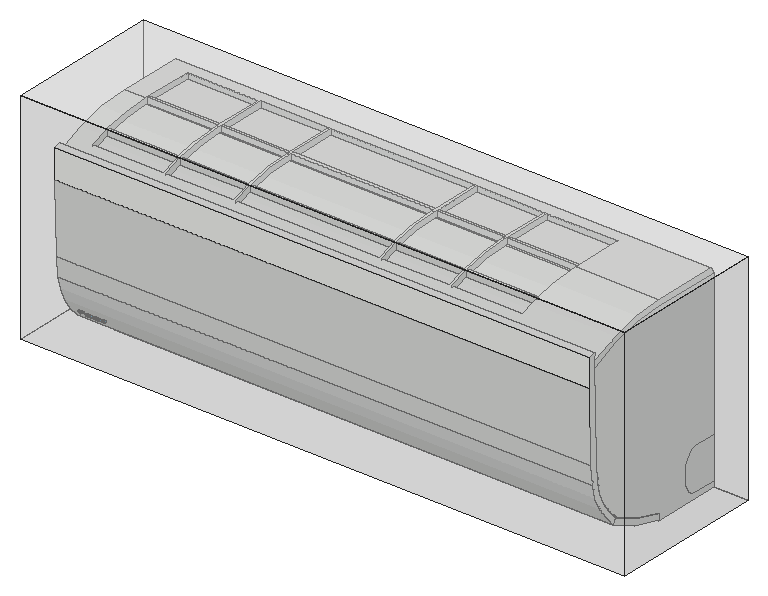
Revit family "outputfile", category 機械設備, Revit 2024
Family settings
  丸型コネクタ寸法 = 半径を使用
  パーツ タイプ = 標準
  OmniClass 番号 = 23.75.10.24.21.27.27
  OmniClass タイトル = Split System Air Conditioning Units
  作業面ベース = いいえ
  常に垂直 = はい
  ロード時にボイドで切り取り = いいえ
  注釈の向きを維持 = いいえ
  共有 = いいえ
  部屋計算ポイント = いいえ
Parameters (values of type "CTXF35TVMA")
  Description = ""
  書き出し IFC クラス(タイプ) = "IfcUnitaryEquipmentType"
  定義済み IFC タイプ(タイプ) = "AIRCONDITIONINGUNIT"
  Cost = 0
  Type Comments = ""
  Keynote = ""
  Type Image = (empty or 0)
  Assembly Code = ""
  w_wall hole = if(Width = 770.0 mm, 48.0 mm, 60.0 mm)  # 48.0 mm
  製造元 = "Daikin"
  モデル = "CTXF35TVMA"
  switch_frequency = yes
  r_Liquid Pipe Size = Liquid Pipe Size / 2  # 3.2 mm
  r_Gas Pipe Size = Gas Pipe Size / 2  # 4.75 mm
  r_Drain Pipe Size = Drain Pipe Size / 2  # 8.0 mm
  lw_powersupply [instance] = if(Width = 770.0 mm, if(or(Rear Right Connection_refrigerant, Bottom Right Connection_refrigerant), 25.0 mm, if(or(Rear Left Connection_refrigerant, Bottom Left Connection_refrigerant), 745.0 mm, 400.0 mm)), if(Width = 990.0 mm, if(or(Rear Right Connection_refrigerant, Bottom Right Connection_refrigerant), 40.0 mm, if(or(Rear Left Connection_refrigerant, Bottom Left Connection_refrigerant), 920.0 mm, 400.0 mm)), if(or(Rear Right Connection_refrigerant, Bottom Right Connection_refrigerant), 40.0 mm, if(or(Rear Left Connection_refrigerant, Bottom Left Connection_refrigerant), 920.0 mm, 400.0 mm))))  # 400.0 mm
  lw_liquidpipe [instance] = if(Width = 770.0 mm, if(or(Rear Right Connection_refrigerant, Bottom Right Connection_refrigerant), 0.0 mm, if(or(Rear Left Connection_refrigerant, Bottom Left Connection_refrigerant), 664.0 mm, 385.0 mm)), if(Width = 990.0 mm, if(or(Rear Right Connection_refrigerant, Bottom Right Connection_refrigerant), 0.0 mm, if(or(Rear Left Connection_refrigerant, Bottom Left Connection_refrigerant), 664.0 mm + (990.0 mm - 770.0 mm), 475.0 mm)), if(or(Rear Right Connection_refrigerant, Bottom Right Connection_refrigerant), 0.0 mm, if(or(Rear Left Connection_refrigerant, Bottom Left Connection_refrigerant), 664.0 mm + (990.0 mm - 770.0 mm), 475.0 mm))))  # 385.0 mm
  lw_gaspipe [instance] = if(Width = 770.0 mm, if(or(Rear Right Connection_refrigerant, Bottom Right Connection_refrigerant), 0.0 mm, if(or(Rear Left Connection_refrigerant, Bottom Left Connection_refrigerant), 675.0 mm, if(Gas Pipe Size = 12.7 mm, 335.0 mm, 335.0 mm))), if(Width = 990.0 mm, if(or(Rear Right Connection_refrigerant, Bottom Right Connection_refrigerant), 10.0 mm, if(or(Rear Left Connection_refrigerant, Bottom Left Connection_refrigerant), 890.0 mm, if(Gas Pipe Size = 15.9 mm, 400.0 mm, 400.0 mm))), if(or(Rear Right Connection_refrigerant, Bottom Right Connection_refrigerant), 10.0 mm, if(or(Rear Left Connection_refrigerant, Bottom Left Connection_refrigerant), 890.0 mm, if(Gas Pipe Size = 15.9 mm, 400.0 mm, 400.0 mm)))))  # 335.0 mm
  lw_drainpipe [instance] = if(Width = 770.0 mm, if(or(Rear Right Connection_refrigerant, Bottom Right Connection_refrigerant), 0.0 mm, if(or(Rear Left Connection_refrigerant, Bottom Left Connection_refrigerant), 770.0 mm - 48.0 mm - 48.0 mm, 440.0 mm)), if(Width = 990.0 mm, if(or(Rear Right Connection_refrigerant, Bottom Right Connection_refrigerant), 0.0 mm, if(or(Rear Left Connection_refrigerant, Bottom Left Connection_refrigerant), 675.0 mm + (990.0 mm - 770.0 mm), 435.0 mm)), if(or(Rear Right Connection_refrigerant, Bottom Right Connection_refrigerant), 0.0 mm, if(or(Rear Left Connection_refrigerant, Bottom Left Connection_refrigerant), 675.0 mm + (990.0 mm - 770.0 mm), 435.0 mm))))  # 440.0 mm
  l_powersupply_length [instance] = if(Width = 770.0 mm, if(Right Connection_refrigerant, 400.0 mm, if(Left Connection_refrigerant, 770.0 mm - 400.0 mm, if(or(Rear Left Connection_refrigerant, Rear Right Connection_refrigerant), 15.0 mm, 50.0 mm))), if(Width = 990.0 mm, if(Right Connection_refrigerant, 400.0 mm, if(Left Connection_refrigerant, 990.0 mm - 400.0 mm, if(or(Rear Left Connection_refrigerant, Rear Right Connection_refrigerant), 15.0 mm, 50.0 mm))), if(Right Connection_refrigerant, 400.0 mm, if(Left Connection_refrigerant, 990.0 mm - 400.0 mm, if(or(Rear Left Connection_refrigerant, Rear Right Connection_refrigerant), 15.0 mm, 50.0 mm)))))  # 400.0 mm
  l_liquidpipe_length [instance] = if(Width = 770.0 mm, if(Right Connection_refrigerant, 433.0 mm, if(Left Connection_refrigerant, 337.0 mm, if(or(Rear Left Connection_refrigerant, Rear Right Connection_refrigerant), 30.0 mm, 40.0 mm))), if(Width = 990.0 mm, if(Right Connection_refrigerant, 535.0 mm, if(Left Connection_refrigerant, 455.0 mm, if(or(Rear Left Connection_refrigerant, Rear Right Connection_refrigerant), 30.0 mm, 40.0 mm))), if(Right Connection_refrigerant, 535.0 mm, if(Left Connection_refrigerant, 455.0 mm, if(or(Rear Left Connection_refrigerant, Rear Right Connection_refrigerant), 30.0 mm, 40.0 mm)))))  # 433.0 mm
  l_gaspipe_length [instance] = if(Width = 770.0 mm, if(Right Connection_refrigerant, if(Gas Pipe Size = 12.7 mm, 383.0 mm, 383.0 mm), if(Left Connection_refrigerant, if(Gas Pipe Size = 12.7 mm, 770.0 mm - 383.0 mm, 770.0 mm - 383.0 mm), if(or(Rear Left Connection_refrigerant, Rear Right Connection_refrigerant), 40.0 mm, 50.0 mm))), if(Width = 990.0 mm, if(Right Connection_refrigerant, if(Gas Pipe Size = 15.9 mm, 460.0 mm, 460.0 mm), if(Left Connection_refrigerant, if(Gas Pipe Size = 15.9 mm, 990.0 mm - 460.0 mm, 990.0 mm - 460.0 mm), if(or(Rear Left Connection_refrigerant, Rear Right Connection_refrigerant), 40.0 mm, 50.0 mm))), if(Right Connection_refrigerant, if(Gas Pipe Size = 15.9 mm, 460.0 mm, 460.0 mm), if(Left Connection_refrigerant, if(Gas Pipe Size = 15.9 mm, 990.0 mm - 460.0 mm, 990.0 mm - 460.0 mm), if(or(Rear Left Connection_refrigerant, Rear Right Connection_refrigerant), 40.0 mm, 50.0 mm)))))  # 383.0 mm
  l_drainpipe_length [instance] = if(Width = 770.0 mm, if(Right Connection_refrigerant, 488.0 mm, if(Left Connection_refrigerant, 282.0 mm, if(or(Rear Left Connection_refrigerant, Rear Right Connection_refrigerant), 15.0 mm, 20.0 mm))), if(Width = 990.0 mm, if(Right Connection_refrigerant, 495.0 mm, if(Left Connection_refrigerant, 495.0 mm, if(or(Rear Left Connection_refrigerant, Rear Right Connection_refrigerant), 15.0 mm, 20.0 mm))), if(Right Connection_refrigerant, 495.0 mm, if(Left Connection_refrigerant, 495.0 mm, if(or(Rear Left Connection_refrigerant, Rear Right Connection_refrigerant), 15.0 mm, 20.0 mm)))))  # 488.0 mm
  h*** = 0.0 mm  # constant formula
  connector_voltage = Voltage_50Hz  # 230 V
  connector_powerinput = if([Power Input (Cooling)] > [Power Input (Heating)], [Power Input (Cooling)], [Power Input (Heating)])  # 0.000 kW
  connector_phase = Phase_50Hz  # 1
  angle_vertical [instance] = if(or(Bottom Left Connection_refrigerant, Bottom Right Connection_refrigerant), 0.00°, 90.00°)  # 90.00°
  angle_horizontal [instance] = if(Right Connection_refrigerant, 90.00°, if(Left Connection_refrigerant, -90.00°, if(or(Rear Left Connection_refrigerant, Rear Right Connection_refrigerant), 180.00°, 0.00°)))  # 90.00°
  Width = 770.0 mm
  Voltage_comment_50Hz = "220 - 240"
  Voltage_50Hz = 230 V
  Version = "ver.1.0"
  Unit Type = "Wall Mounted"
  Unit Mass Weight = 9.00 kg
  Unit Designation [instance] = ""
  Uniclass2015Version = "Products v1.30"
  Uniclass2015Title = "Split coil room air conditioning units"
  Uniclass2015Code = "Pr_70_65_03_86"
  URL = ""
  Total Heating Capacity [instance] = 0.000 kW
  Total Cooling Capacity [instance] = 0.000 kW
  Sound Pressure Level_M speed (dBA) = 35
  Sound Pressure Level_L speed (dBA) = 28
  Sound Pressure Level_H speed (dBA) = 42
  Sound Power Level_H speed (dB) = 0
  Series = "Multi Split_Fan Coil Unit"
  Sensible Cooling Capacity [instance] = 0.000 kW
  Refrigerant Type = "R32"
  Power Input (Heating) = 0.000 kW
  Power Input (Cooling) = 0.000 kW
  Phase_50Hz = 1
  Option Accessory 3 [instance] = ""
  Option Accessory 2 [instance] = ""
  Option Accessory 1 [instance] = ""
  Nominal Heating Capacity = 4.300 kW
  Nominal Cooling Capacity = 3.500 kW
  Minimum Circuit Amps_50Hz = 0.0 A
  Minimum Airflow = 360.00 m³/h
  Median Airflow = 498.00 m³/h
  Maximum Fuse Amps_50Hz = 0.0 A
  Maximum Airflow = 636.00 m³/h
  Material_Casing = DAIKIN_PureWhite_Casing_indoorunit
  Load Classification = HVAC
  Liquid Pipe Size = 6.4 mm
  Link_Nested Family [instance] = ""
  IfcVersion = ""
  IfcExportType = "AIRCONDITIONINGUNIT"
  IfcExportAs = "IfcUnitaryEquipmentType"
  Height = 285.0 mm
  Heating Entering Wet Bulb Temperature [instance] = 0.00 °C
  Heating Entering Dry Bulb Temperature [instance] = 0.00 °C
  Heating Ambient Wet Bulb Temperature [instance] = 0.00 °C
  Heating Ambient Dry Bulb Temperature [instance] = 0.00 °C
  Heat Exchanger Type = "Cross Fin Coil"
  Gas Pipe Size = 9.5 mm
  Frequency_50Hz = 50 Hz
  Fan Type = "Cross Flow Fan"
  Fan Drive = "Direct Drive"
  FCU Tag No. [instance] = ""
  Drain Pipe Size = 16.0 mm
  Design Supply Airflow [instance] = 0.00 m³/h
  Depth = 223.0 mm
  既定の高さ = 0.0 mm
  Cooling Entering Wet Bulb Temperature [instance] = 0.00 °C
  Cooling Entering Dry Bulb Temperature [instance] = 0.00 °C
  Cooling Ambient Wet Bulb Temperature [instance] = 0.00 °C
  Cooling Ambient Dry Bulb Temperature [instance] = 0.00 °C
  Clearance visibility [instance] = yes
  Clearance Top = 30.0 mm
  Clearance Right = 50.0 mm
  Clearance Rear = 0.0 mm
  Clearance Left = 50.0 mm
  Clearance Front = 0.0 mm
  Clearance Bottom = 0.0 mm
  Bottom Right Connection_refrigerant [instance] = no
  Bottom Left Connection_refrigerant [instance] = no
  Rear Right Connection_refrigerant [instance] = no
  Rear Left Connection_refrigerant [instance] = no
  Right Connection_refrigerant [instance] = yes
  Left Connection_refrigerant [instance] = no
Reference planes
  plane 1 "Back": y = 0
  plane 2: z = 0
  plane 3 "Center (Left/Right)": x = 0
  plane 4 "Center (Front/Back)": y = -111.5
  plane 5 "Front": y = -223
  plane 6 "Left": x = -385
  plane 7 "Right": x = 385
  plane 8 "Top": z = 0
  plane 9 "Bottom": z = -285
  plane 10: x = -435
  plane 11: x = 435
  plane 12: y = 0
  plane 13: y = -223
  plane 14: z = 30
  plane 15: z = -285
  plane 16 "lw_Piping and Wiring intake": x = 337
  plane 17 "lw_gaspipe": x = 2
  plane 18 "lw_liquidpipe": x = -48
  plane 19 "lw_drainpipe": x = -103
  plane 20 "lh_drainpipe": z = -265
  plane 21 "lh_liquidpipe": z = -245
  plane 22 "lh_gaspipe": z = -235
  plane 23 "ld_drainpipe": y = -15
  plane 24 "ld_liquidpipe": y = -30
  plane 25 "ld_gaspipe": y = -40
  plane 26 "lw_powersupply": x = -15
Dimensions and locks
  equal spacing: plane 6 "Left", plane 3 "Center (Left/Right)", plane 7 "Right"
  "Width": plane 6 "Left" to plane 7 "Right"
  equal spacing: plane 5 "Front", plane 4 "Center (Front/Back)", plane 1 "Back"
  "Depth": plane 5 "Front" to plane 1 "Back"
  "Height": plane 8 "Top" to plane 9 "Bottom"
  "Clearance Rear": plane 12 to plane 1 "Back"
  "Clearance Front": plane 13 to plane 5 "Front"
  "Clearance Top": plane 14 to plane 8 "Top"
  "Clearance Bottom": plane 9 "Bottom" to plane 15
  "w_wall hole": plane 16 "lw_Piping and Wiring intake" to plane 7 "Right"
  "lw_gaspipe": plane 17 "lw_gaspipe" to plane 16 "lw_Piping and Wiring intake"
  "lw_liquidpipe": plane 18 "lw_liquidpipe" to plane 16 "lw_Piping and Wiring intake"
  "lw_drainpipe": plane 19 "lw_drainpipe" to plane 16 "lw_Piping and Wiring intake"
  locked: plane 20 "lh_drainpipe" to plane 9 "Bottom" at 20
  locked: plane 21 "lh_liquidpipe" to plane 9 "Bottom" at 40
  locked: plane 22 "lh_gaspipe" to plane 9 "Bottom" at 50
  locked: plane 23 "ld_drainpipe" to plane 1 "Back" at 15
  locked: plane 1 "Back" to plane 24 "ld_liquidpipe" at 30
  locked: plane 1 "Back" to plane 25 "ld_gaspipe" at 40
  "lw_powersupply": plane 26 "lw_powersupply" to plane 7 "Right"
  "Clearance Left": plane 10 to plane 6 "Left"
  "Clearance Right": plane 7 "Right" to plane 11
  aligned and locked: level to plane 2
  aligned and locked: plane 12 to nested 1
  aligned and locked: nested 1 to plane 13
  aligned and locked: plane 10 to nested 1
  aligned and locked: plane 11 to nested 1
  aligned and locked: plane 15 to nested 1
  aligned and locked: plane 14 to nested 1
  aligned and locked: plane 17 "lw_gaspipe" to nested 2
  aligned and locked: nested 2 to plane 25 "ld_gaspipe"
  aligned and locked: plane 18 "lw_liquidpipe" to nested 3
  aligned and locked: nested 3 to plane 24 "ld_liquidpipe"
  aligned and locked: plane 19 "lw_drainpipe" to nested 4
  aligned and locked: nested 4 to plane 23 "ld_drainpipe"
  aligned and locked: nested 5 to plane 23 "ld_drainpipe"
  aligned and locked: plane 26 "lw_powersupply" to nested 5
  aligned and locked: level to plane 8 "Top"
  aligned and locked: plane 3 "Center (Left/Right)" to nested 6
  aligned and locked: plane 1 "Back" to nested 6
  aligned and locked: plane 8 "Top" to nested 6
Nested families
  nested 1: "daikin_clearancespace" at (0, -111.5, -127.381), show <- "Clearance visibility", visible <- "Clearance visibility", Link_Nested Family <- "Link_Nested Family", type "daikin_clearancespace"
    with width 870.0 mm, show yes, height 315.0 mm, depth 223.0 mm, Link_Nested Family ""
  nested 2: "daikin_connector_rotate3" at (2, -40, -235), angle_vertical <- "angle_vertical", angle_horizontal <- "angle_horizontal", length <- "l_gaspipe_length", radius <- "r_Gas Pipe Size", type "daikin_connector_rotate3"
    with show no, radius 4.75 mm, length 383.0 mm, angle_vertical 90.00°, angle_horizontal 90.00°
  nested 3: "daikin_connector_rotate3" at (-48, -30, -245), angle_vertical <- "angle_vertical", angle_horizontal <- "angle_horizontal", radius <- "r_Liquid Pipe Size", length <- "l_liquidpipe_length", type "daikin_connector_rotate3"
    with show no, radius 3.2 mm, length 433.0 mm, angle_vertical 90.00°, angle_horizontal 90.00°
  nested 4: "daikin_connector_rotate3" at (-103, -15, -265), angle_vertical <- "angle_vertical", angle_horizontal <- "angle_horizontal", length <- "l_drainpipe_length", radius <- "r_Drain Pipe Size", type "daikin_connector_rotate3"
    with show no, radius 8.0 mm, length 488.0 mm, angle_vertical 90.00°, angle_horizontal 90.00°
  nested 5: "daikin_connector_rotate3" at (-15, -15, -235), angle_vertical <- "angle_vertical", angle_horizontal <- "angle_horizontal", length <- "l_powersupply_length", type "daikin_connector_rotate3"
    with show no, radius 10.0 mm, length 400.0 mm, angle_vertical 90.00°, angle_horizontal 90.00°
  nested 6: "DAIKIN_indoorunit_CTXF-TVMA" at (-31, 0, 0), type "CTXF-TVMA"
Connectors
  piping at (385, -40, -235), diameter 9.5, driven by "r_Gas Pipe Size"
    settings: on nested 2, index 1, connector inside diameter 609.6 mm, connector length 0.0 mm, flow factor 0, pipe flow 0.00 m³/h, pressure drop 0.0 Pa, fitting loss kfactor 0, connector angle 0.00°, fixture units 0, engagement length 0.0 mm, angle of deflection 0.00°, flow configuration 1, flow direction 2, fitting loss method 0, system type 29, joint type 0, gender type 0, connector reference index -1, connector utility 0, adjustable connector no, is connector primary yes, connector description "Refrigerant Gas Piping"
  piping at (385, -30, -245), diameter 6.4, driven by "r_Liquid Pipe Size"
    settings: on nested 3, index 2, connector inside diameter 609.6 mm, connector length 0.0 mm, flow factor 0, pipe flow 0.00 m³/h, pressure drop 0.0 Pa, fitting loss kfactor 0, connector angle 0.00°, fixture units 0, engagement length 0.0 mm, angle of deflection 0.00°, flow configuration 1, flow direction 1, fitting loss method 0, system type 29, joint type 0, gender type 0, connector reference index -1, connector utility 0, adjustable connector no, is connector primary no, connector description "Refrigerant Liquid Piping"
  piping at (385, -15, -265), diameter 16, driven by "r_Drain Pipe Size"
    settings: on nested 4, index 3, connector inside diameter 609.6 mm, connector length 0.0 mm, flow factor 0, pipe flow 0.00 m³/h, pressure drop 0.0 Pa, fitting loss kfactor 0, connector angle 0.00°, fixture units 0, engagement length 0.0 mm, angle of deflection 0.00°, flow configuration 1, flow direction 2, fitting loss method 4, system type 16, joint type 0, gender type 0, connector reference index -1, connector utility 0, adjustable connector no, is connector primary no, connector description "Condensate Drain Piping"
  electrical at (385, -15, -235), driven by "Load Classification", driven by "connector_phase", driven by "connector_powerinput", driven by "connector_voltage"
    settings: on nested 5, index 4, voltage 230 V, apparent load 0 VA, apparent load phase1 0 VA, apparent load phase2 0 VA, apparent load phase3 0 VA, power factor 1, load classification "HVAC", number of poles 1, system type 30, power factor state 1, is connector primary yes, connector utility no, sub classification motor no, connector description "Power Supply"
Definition of nested family "daikin_clearancespace"
  Parameters (values of type "daikin_clearancespace")
    Description = "daikin_clearancespace"
    width [instance] = 1823.963 mm
    show [instance] = yes
    material = none
    height [instance] = 1359.762 mm
    depth [instance] = 880.0 mm
    Default Elevation = 0.0 mm
    Link_Nested Family [instance] = ""
  Reference planes
    plane 1 "Center (Front/Back)": y = 0
    plane 2 "Center (Elevation)": z = -0.119
    plane 3 "Center (Left/Right)": x = 0
    plane 4: y = 440
    plane 5: y = -440
    plane 6 "Right": x = 911.982
    plane 7 "Left": x = -911.982
    plane 8 "Top": z = 679.762
    plane 9 "Bottom": z = -680
  Forms (mm)
    Extrusion 1, solid, material <- "material", visible <- "show"
      sketch origin (0, 0, 0) x (1, 0, 0) y (0, 1, 0)
        loop
          line (-911.982, 440) -> (-911.982, -440) -> (911.982, -440) -> (911.982, 440) -> (-911.982, 440)
      from -680 to 679.762
  Lines and regions (mm)
    symbolic lines, visible <- "show"
      curve 1: line (911.982, 440, 0) -> (-911.982, 440, 0)
      curve 2: line (-911.982, 440, 0) -> (-911.982, -440, 0)
      curve 3: line (-911.982, -440, 0) -> (911.982, -440, 0)
      curve 4: line (911.982, -440, 0) -> (911.982, 440, 0)
      curve 5: line (911.982, 0, 679.762) -> (-911.982, 0, 679.762)
      curve 6: line (911.982, 0, -680) -> (911.982, 0, 679.762)
      curve 7: line (-911.982, 0, -680) -> (911.982, 0, -680)
      curve 8: line (-911.982, 0, 679.762) -> (-911.982, 0, -680)
      curve 9: line (0, 440, 679.762) -> (0, -440, 679.762)
      curve 10: line (0, -440, 679.762) -> (0, -440, -680)
      curve 11: line (0, 440, -680) -> (0, 440, 679.762)
      curve 12: line (0, -440, -680) -> (0, 440, -680)
  Dimensions and locks
    "width": plane 7 "Left" to plane 6 "Right"
    "depth": plane 4 to plane 5
    "height": plane 8 "Top" to plane 9 "Bottom"
    equal spacing: plane 7 "Left", plane 3 "Center (Left/Right)", plane 6 "Right"
    equal spacing: plane 4, plane 1 "Center (Front/Back)", plane 5
    equal spacing: plane 8 "Top", plane 2 "Center (Elevation)", plane 9 "Bottom"
    aligned and locked: level to plane 2 "Center (Elevation)"
    aligned and locked: Extrusion 1 sketch curve to plane 4
    aligned and locked: plane 7 "Left" to Extrusion 1 sketch curve
    aligned and locked: Extrusion 1 sketch curve to plane 5
    aligned and locked: Extrusion 1 sketch curve to plane 6 "Right"
    aligned and locked: plane 8 "Top" to Extrusion 1
    aligned and locked: curve 1 to Extrusion 1
    aligned and locked: curve 2 to Extrusion 1
    aligned and locked: curve 3 to Extrusion 1
    aligned and locked: curve 4 to Extrusion 1
    aligned and locked: curve 5 to Extrusion 1
    aligned and locked: curve 6 to Extrusion 1
    aligned and locked: curve 7 to Extrusion 1
    aligned and locked: curve 8 to Extrusion 1
    aligned and locked: curve 9 to Extrusion 1
    aligned and locked: curve 10 to Extrusion 1
    aligned and locked: curve 11 to Extrusion 1
    aligned and locked: curve 12 to Extrusion 1
    aligned and locked: Extrusion 1 to plane 9 "Bottom"
Definition of nested family "DAIKIN_indoorunit_CTXF-TVMA"
  Parameters (values of type "CTXF-TVMA")
    switch_unit1_50 = Width = 990.0 mm  # no
    switch_unit1_20-35 = Width = 770.0 mm  # yes
    Width = 770.0 mm
    WALL HOLE-R = if(Width = 770.0 mm, 48.0 mm, 60.0 mm)  # 48.0 mm
    WALL HOLE Size = if(Width = 770.0 mm, 65.0 mm, 80.0 mm)  # 65.0 mm
    Material_Casing = none
    Height = if(Width = 770.0 mm, 285.0 mm, 295.0 mm)  # 285.0 mm
    Default Elevation = 0.0 mm
  Reference planes
    plane 1 "Center (Front/Back)": y = 0
    plane 2 "reference_level": z = 0
    plane 3 "Center (Left/Right)": x = 31
    plane 4: x = -354
    plane 5: x = 416
    plane 6: z = -285
  Forms (mm)
    Extrusion 1, solid, material <- "Material_Casing", visible <- "switch_unit1_20-35"
      sketch origin (29, 0, 0) x (0, 1, 0) y (0, 0, 1)
        loop
          line (-5, 0) -> (-98, 0)
          arc (-98, 0) -> (-157.611, -7.211) -> (-213.783, -28.427) r 250
          arc (-213.783, -28.427) -> (-213.842, -32.972) -> (-213.892, -37.516) r 2191
          arc (-213.892, -37.516) -> (-157.832, -15.495) -> (-98.07, -8) r 242
          line (-98.07, -8) -> (0, -8) -> (-5, 0)
      from -383 to 387
    Extrusion 2, solid, material <- "Material_Casing", visible <- "switch_unit1_20-35"
      sketch origin (416, 1296.25, 1200) x (0, 1, 0) y (0, 0, 1)
        loop
          line (-1472.998, -1446.91) -> (-1476.998, -1453.839)
          arc (-1476.998, -1453.839) -> (-1437.481, -1472.422) -> (-1395.25, -1483.538) r 240
          line (-1395.25, -1483.538) -> (-1395.25, -1475.422)
          arc (-1395.25, -1475.422) -> (-1435.407, -1464.663) -> (-1472.998, -1446.91) r 232
      from 0 to -47.5
    Extrusion 3, solid, material <- "Material_Casing", visible <- "switch_unit1_20-35"
      sketch origin (29, 0, 0) x (0, 1, 0) y (0, 0, 1)
        loop
          arc (-223, -60.455) -> (-222.414, -110.646) -> (-220.656, -160.81) r 2149.92
          arc (-220.656, -160.81) -> (-219.65, -174.299) -> (-217.853, -187.706) r 229.911
          arc (-217.853, -187.706) -> (-205.371, -223.594) -> (-181.517, -253.17) r 111
          line (-181.517, -253.17) -> (-177.429, -246.093)
          arc (-177.429, -246.093) -> (-198.77, -218.989) -> (-209.965, -186.36) r 103
          arc (-209.965, -186.36) -> (-211.681, -173.586) -> (-212.651, -160.735) r 221.844
          arc (-212.651, -160.735) -> (-214.739, -93.233) -> (-214.74, -25.699) r 2186.828
          arc (-214.74, -25.699) -> (-214.671, -21.467) -> (-214.594, -17.235) r 2192
          line (-214.594, -17.235) -> (-223, -19.961) -> (-223, -60.455)
      from -383 to 387
    Extrusion 4, solid, material <- "Material_Casing", visible <- "switch_unit1_20-35"
      sketch origin (29, 0, -20) x (0, 1, 0) y (0, 0, 1)
        loop
          line (0, -265) -> (0, 12) -> (-98.07, 12)
          arc (-98.07, 12) -> (-157.832, 4.505) -> (-213.892, -17.516) r 242
          arc (-213.892, -17.516) -> (-213.638, -79.114) -> (-211.653, -140.681) r 2191
          arc (-211.653, -140.681) -> (-210.685, -153.501) -> (-208.973, -166.243) r 221
          arc (-208.973, -166.243) -> (-197.471, -199.282) -> (-175.482, -226.491) r 102
          arc (-175.482, -226.491) -> (-138.004, -244.019) -> (-98, -254.579) r 231
          line (-98, -254.579) -> (-98, -265) -> (0, -265)
      from -383 to 387
    Extrusion 5, solid, material <- "Material_Casing", visible <- "switch_unit1_20-35"
      sketch origin (-354, 1296.25, 1200) x (0, 1, 0) y (0, 0, 1)
        loop
          line (-1472.998, -1446.91) -> (-1476.998, -1453.839)
          arc (-1476.998, -1453.839) -> (-1437.481, -1472.422) -> (-1395.25, -1483.538) r 240
          line (-1395.25, -1483.538) -> (-1395.25, -1475.422)
          arc (-1395.25, -1475.422) -> (-1435.407, -1464.663) -> (-1472.998, -1446.91) r 232
      from 47 to 0
    Extrusion 6, solid, material <- "Material_Casing", visible <- "switch_unit1_20-35"
      sketch origin (416, 1296.25, 1200) x (0, 1, 0) y (0, 0, 1)
        loop
          line (-1472.998, -1446.91) -> (-1476.998, -1453.839)
          arc (-1476.998, -1453.839) -> (-1443.437, -1470.168) -> (-1407.75, -1481.097) r 240
          line (-1407.75, -1481.097) -> (-1407.75, -1472.894)
          arc (-1407.75, -1472.894) -> (-1441.363, -1462.385) -> (-1472.998, -1446.91) r 232
      from -116.993 to -48.493
    Extrusion 7, solid, material <- "Material_Casing", visible <- "switch_unit1_20-35"
      sketch origin (416, 1296.25, 1200) x (0, 1, 0) y (0, 0, 1)
        loop
          line (-1472.998, -1446.91) -> (-1476.998, -1453.839)
          arc (-1476.998, -1453.839) -> (-1443.437, -1470.168) -> (-1407.75, -1481.097) r 240
          line (-1407.75, -1481.097) -> (-1407.75, -1472.894)
          arc (-1407.75, -1472.894) -> (-1441.363, -1462.385) -> (-1472.998, -1446.91) r 232
      from -717 to -121.993
    Extrusion 8, void
      sketch origin (31, 0, -235) x (1, 0, 0) y (0, 1, 0)
        loop
          line (-252.674, -22.316) -> (-354.941, -22.316) -> (-354.941, -91.341) -> (-252.674, -91.341) -> (-252.674, -22.316)
        loop
          line (-249.341, -91.341) -> (-151.574, -91.341) -> (-151.574, -22.316) -> (-249.341, -22.316) -> (-249.341, -91.341)
        loop
          line (58.309, -22.316) -> (-148.309, -22.316) -> (-148.309, -91.341) -> (58.309, -91.341) -> (58.309, -22.316)
        loop
          line (61.689, -22.316) -> (61.689, -91.341) -> (159.457, -91.341) -> (159.457, -22.316) -> (61.689, -22.316)
        loop
          line (162.789, -22.316) -> (162.789, -91.341) -> (265.057, -91.341) -> (265.057, -22.316) -> (162.789, -22.316)
        loop
          line (-354.941, -94.659) -> (-354.941, -165.259) -> (-252.674, -165.259) -> (-252.674, -94.659) -> (-354.941, -94.659)
        loop
          line (-249.341, -94.659) -> (-249.341, -165.259) -> (-151.574, -165.259) -> (-151.574, -94.659) -> (-249.341, -94.659)
        loop
          line (-148.309, -94.659) -> (-148.309, -165.259) -> (58.309, -165.259) -> (58.309, -94.659) -> (-148.309, -94.659)
        loop
          line (61.689, -94.659) -> (61.689, -165.259) -> (159.457, -165.259) -> (159.457, -94.659) -> (61.689, -94.659)
        loop
          line (162.789, -94.659) -> (162.789, -165.259) -> (265.057, -165.259) -> (265.057, -94.659) -> (162.789, -94.659)
        loop
          line (-354.941, -167.382) -> (-354.941, -192.681) -> (-252.674, -192.681) -> (-252.674, -167.382) -> (-354.941, -167.382)
        loop
          line (-249.341, -167.382) -> (-249.341, -192.681) -> (-151.574, -192.681) -> (-151.574, -167.382) -> (-249.341, -167.382)
        loop
          line (-148.309, -167.382) -> (-148.309, -192.681) -> (58.309, -192.681) -> (58.309, -167.382) -> (-148.309, -167.382)
        loop
          line (159.457, -167.382) -> (61.689, -167.382) -> (61.689, -192.681) -> (159.457, -192.681) -> (159.457, -167.382)
        loop
          line (265.057, -167.382) -> (162.789, -167.382) -> (162.789, -192.681) -> (265.057, -192.681) -> (265.057, -167.382)
      from 201.638 to 250
    Extrusion 9, solid, material <- "Material_Casing"
      sketch origin (31, 0, 0) x (1, 0, 0) y (0, 0, 1)
        loop
          circle (337, -240.5) r 32.5
        loop
          circle (-337, -240.5) r 32.5
      from 0 to 5
    Extrusion 10, solid, material <- "Material_Casing", visible <- "switch_unit1_20-35"
      sketch origin (416, 1296.25, 1200) x (0, -1, 0) y (0, 0, 1)
        loop
          line (1326.25, -1417) -> (1296.25, -1417) -> (1296.25, -1477) -> (1326.25, -1477)
          arc (1326.25, -1477) -> (1340.393, -1471.142) -> (1346.25, -1457) r 20
          line (1346.25, -1457) -> (1346.25, -1437)
          arc (1346.25, -1437) -> (1340.393, -1422.858) -> (1326.25, -1417) r 20
      from 0 to 5
    Extrusion 11, solid, material <- "Material_Casing", visible <- "switch_unit1_20-35"
      sketch origin (-354, 1296.25, 1200) x (0, 1, 0) y (0, 0, 1)
        loop
          line (-1296.25, -1417) -> (-1326.25, -1417)
          arc (-1326.25, -1417) -> (-1340.393, -1422.858) -> (-1346.25, -1437) r 20
          line (-1346.25, -1437) -> (-1346.25, -1457)
          arc (-1346.25, -1457) -> (-1340.393, -1471.142) -> (-1326.25, -1477) r 20
          line (-1326.25, -1477) -> (-1296.25, -1477) -> (-1296.25, -1417)
      from 0 to 5
    Extrusion 12, solid, material <- "Material_Casing", visible <- "switch_unit1_20-35"
      sketch origin (31, 0, -285) x (-1, 0, 0) y (0, -1, 0)
        loop
          line (-314, 0) -> (-314, 30)
          arc (-314, 30) -> (-319.858, 44.142) -> (-334, 50) r 20
          line (-334, 50) -> (-354, 50)
          arc (-354, 50) -> (-368.142, 44.142) -> (-374, 30) r 20
          line (-374, 30) -> (-374, 0) -> (-314, 0)
        loop
          line (374, 0) -> (374, 30)
          arc (374, 30) -> (368.142, 44.142) -> (354, 50) r 20
          line (354, 50) -> (334, 50)
          arc (334, 50) -> (319.858, 44.142) -> (314, 30) r 20
          line (314, 30) -> (314, 0) -> (374, 0)
      from 0 to 5
    Extrusion 13, solid, material <- "Material_Casing", visible <- "switch_unit1_50"
      sketch origin (31, 0, 0) x (0, 1, 0) y (0, 0, 1)
        loop
          line (-5, 0) -> (-138, 0)
          arc (-138, 0) -> (-197.611, -7.211) -> (-253.783, -28.427) r 250
          arc (-253.783, -28.427) -> (-253.838, -32.687) -> (-253.886, -36.946) r 2191
          arc (-253.886, -36.946) -> (-197.73, -15.346) -> (-138.014, -8) r 246.393
          line (-138.014, -8) -> (0, -8) -> (-5, 0)
      from -495 to 495
    Extrusion 14, solid, material <- "Material_Casing", visible <- "switch_unit1_50"
      sketch origin (418, 1296.25, 1200) x (0, 1, 0) y (0, 0, 1)
        loop
          arc (-1515.208, -1454.149) -> (-1506.856, -1460.599) -> (-1497.925, -1466.219) r 110
          arc (-1497.925, -1466.219) -> (-1445.718, -1487.493) -> (-1389.844, -1494.995) r 223
          line (-1389.844, -1494.995) -> (-1389.844, -1486.086) -> (-1404.386, -1486.086)
          arc (-1404.386, -1486.086) -> (-1449.542, -1477.46) -> (-1491.818, -1459.402) r 214.289
          arc (-1491.818, -1459.402) -> (-1501.056, -1453.541) -> (-1509.606, -1446.715) r 101
          line (-1509.606, -1446.715) -> (-1515.208, -1454.149)
      from 108 to 57.5
    Extrusion 15, solid, material <- "Material_Casing", visible <- "switch_unit1_50"
      sketch origin (31, 0, 0) x (0, 1, 0) y (0, 0, 1)
        loop
          line (-263, -19.962) -> (-263, -61.6)
          arc (-263, -61.6) -> (-262.414, -110.219) -> (-260.656, -158.81) r 2017.341
          arc (-260.656, -158.81) -> (-255.648, -191.935) -> (-244.041, -223.362) r 164.725
          arc (-244.041, -223.362) -> (-233.569, -239.793) -> (-219.717, -253.495) r 87.379
          line (-219.717, -253.495) -> (-214.706, -246.846)
          arc (-214.706, -246.846) -> (-229.564, -230.029) -> (-240.385, -210.371) r 102
          arc (-240.385, -210.371) -> (-249.049, -182.962) -> (-252.848, -154.467) r 165.789
          arc (-252.848, -154.467) -> (-254.771, -90.102) -> (-254.74, -25.708) r 2122.533
          arc (-254.74, -25.708) -> (-254.671, -21.469) -> (-254.594, -17.23) r 2192
          line (-254.594, -17.23) -> (-263, -19.962)
      from -495 to 495
    Extrusion 16, void
      sketch origin (33, 0, 0) x (1, 0, 0) y (0, 1, 0)
        loop
          line (-466.909, -22.316) -> (-466.909, -111.341) -> (-366.303, -111.341) -> (-366.303, -22.316) -> (-466.909, -22.316)
        loop
          line (-362.71, -22.316) -> (-362.71, -111.341) -> (-262.103, -111.341) -> (-262.103, -22.316) -> (-362.71, -22.316)
        loop
          line (-258.51, -22.316) -> (-258.51, -111.341) -> (-157.904, -111.341) -> (-157.904, -22.316) -> (-258.51, -22.316)
        loop
          line (-154.31, -22.316) -> (-154.31, -111.341) -> (-53.704, -111.341) -> (-53.704, -22.316) -> (-154.31, -22.316)
        loop
          line (-50.11, -22.316) -> (-50.11, -111.341) -> (50.496, -111.341) -> (50.496, -22.316) -> (-50.11, -22.316)
        loop
          line (54.089, -22.316) -> (54.089, -111.341) -> (154.696, -111.341) -> (154.696, -22.316) -> (54.089, -22.316)
        loop
          line (158.289, -22.316) -> (158.289, -111.341) -> (258.895, -111.341) -> (258.895, -22.316) -> (158.289, -22.316)
        loop
          line (262.489, -22.316) -> (262.489, -111.341) -> (363.095, -111.341) -> (363.095, -22.316) -> (262.489, -22.316)
        loop
          line (-466.909, -114.459) -> (-466.909, -185.059) -> (-366.303, -185.059) -> (-366.303, -114.459) -> (-466.909, -114.459)
        loop
          line (-362.71, -114.459) -> (-362.71, -185.059) -> (-262.103, -185.059) -> (-262.103, -114.459) -> (-362.71, -114.459)
        loop
          line (-258.51, -114.459) -> (-258.51, -185.059) -> (-157.904, -185.059) -> (-157.904, -114.459) -> (-258.51, -114.459)
        loop
          line (-154.31, -114.459) -> (-154.31, -185.059) -> (-53.704, -185.059) -> (-53.704, -114.459) -> (-154.31, -114.459)
        loop
          line (-50.11, -114.459) -> (-50.11, -185.059) -> (50.496, -185.059) -> (50.496, -114.459) -> (-50.11, -114.459)
        loop
          line (54.089, -114.459) -> (54.089, -185.059) -> (154.696, -185.059) -> (154.696, -114.459) -> (54.089, -114.459)
        loop
          line (158.289, -114.459) -> (158.289, -185.059) -> (258.895, -185.059) -> (258.895, -114.459) -> (158.289, -114.459)
        loop
          line (262.489, -114.459) -> (262.489, -185.059) -> (363.095, -185.059) -> (363.095, -114.459) -> (262.489, -114.459)
        loop
          line (-466.909, -187.382) -> (-466.909, -232.681) -> (-366.303, -232.681) -> (-366.303, -187.382) -> (-466.909, -187.382)
        loop
          line (-362.71, -187.382) -> (-362.71, -232.681) -> (-262.103, -232.681) -> (-262.103, -187.382) -> (-362.71, -187.382)
        loop
          line (-258.51, -187.382) -> (-258.51, -232.681) -> (-157.904, -232.681) -> (-157.904, -187.382) -> (-258.51, -187.382)
        loop
          line (-154.31, -187.382) -> (-154.31, -232.681) -> (-53.704, -232.681) -> (-53.704, -187.382) -> (-154.31, -187.382)
        loop
          line (-50.11, -187.382) -> (-50.11, -232.681) -> (50.496, -232.681) -> (50.496, -187.382) -> (-50.11, -187.382)
        loop
          line (54.089, -187.382) -> (54.089, -232.681) -> (154.696, -232.681) -> (154.696, -187.382) -> (54.089, -187.382)
        loop
          line (158.289, -187.382) -> (158.289, -232.681) -> (258.895, -232.681) -> (258.895, -187.382) -> (158.289, -187.382)
        loop
          line (262.489, -187.382) -> (262.489, -232.681) -> (363.095, -232.681) -> (363.095, -187.382) -> (262.489, -187.382)
      from -40.013 to 47.268
    Extrusion 17, solid, material <- "Material_Casing", visible <- "switch_unit1_50"
      sketch origin (-356, 1296.25, 1200) x (0, 1, 0) y (0, 0, -1)
        loop
          line (-1515.208, 1454.149) -> (-1509.606, 1446.715)
          arc (-1509.606, 1446.715) -> (-1501.056, 1453.541) -> (-1491.818, 1459.402) r 101
          arc (-1491.818, 1459.402) -> (-1449.542, 1477.46) -> (-1404.386, 1486.086) r 214.289
          line (-1404.386, 1486.086) -> (-1389.844, 1486.086) -> (-1389.844, 1494.995)
          arc (-1389.844, 1494.995) -> (-1445.718, 1487.493) -> (-1497.925, 1466.219) r 223
          arc (-1497.925, 1466.219) -> (-1506.856, 1460.599) -> (-1515.208, 1454.149) r 110
      from 108 to 61
    Extrusion 18, solid, material <- "Material_Casing", visible <- "switch_unit1_50"
      sketch origin (418, 1296.25, 1200) x (0, 1, 0) y (0, 0, 1)
        loop
          arc (-1515.208, -1454.149) -> (-1506.856, -1460.599) -> (-1497.925, -1466.219) r 110
          arc (-1497.925, -1466.219) -> (-1463.185, -1482.066) -> (-1426.25, -1491.755) r 223
          line (-1426.25, -1491.755) -> (-1426.25, -1483.166)
          arc (-1426.25, -1483.166) -> (-1460.008, -1473.969) -> (-1491.818, -1459.402) r 214.289
          arc (-1491.818, -1459.402) -> (-1501.056, -1453.541) -> (-1509.606, -1446.715) r 101
          line (-1509.606, -1446.715) -> (-1515.208, -1454.149)
      from 56.5 to -36.993
    Extrusion 19, solid, material <- "Material_Casing", visible <- "switch_unit1_50"
      sketch origin (418, 1296.25, 1200) x (0, 1, 0) y (0, 0, 1)
        loop
          arc (-1426.25, -1483.166) -> (-1443.442, -1479.224) -> (-1460.25, -1473.881) r 214.289
          line (-1460.25, -1473.881) -> (-1460.25, -1483.089)
          arc (-1460.25, -1483.089) -> (-1443.421, -1488.091) -> (-1426.25, -1491.755) r 223
          line (-1426.25, -1491.755) -> (-1426.25, -1483.166)
      from -43.493 to -828.893
    Extrusion 20, solid, material <- "Material_Casing", visible <- "switch_unit1_50"
      sketch origin (418, 1296.25, 1200) x (0, 1, 0) y (0, 0, 1)
        loop
          arc (-1515.208, -1454.149) -> (-1506.856, -1460.599) -> (-1497.925, -1466.219) r 110
          arc (-1497.925, -1466.219) -> (-1479.479, -1475.527) -> (-1460.25, -1483.089) r 223
          line (-1460.25, -1483.089) -> (-1460.25, -1473.881)
          arc (-1460.25, -1473.881) -> (-1476.328, -1467.282) -> (-1491.818, -1459.402) r 214.289
          arc (-1491.818, -1459.402) -> (-1501.056, -1453.541) -> (-1509.606, -1446.715) r 101
          line (-1509.606, -1446.715) -> (-1515.208, -1454.149)
      from -43.493 to -828.893
    Extrusion 21, solid, material <- "Material_Casing", visible <- "switch_unit1_50"
      sketch origin (31, 0, -30) x (0, 1, 0) y (0, 0, 1)
        loop
          line (0, 22) -> (-138.014, 22)
          arc (-138.014, 22) -> (-197.73, 14.654) -> (-253.886, -6.946) r 246.393
          arc (-253.886, -6.946) -> (-253.682, -65.635) -> (-251.855, -124.295) r 2120.935
          arc (-251.855, -124.295) -> (-248.086, -152.682) -> (-239.461, -179.988) r 164.789
          arc (-239.461, -179.988) -> (-228.903, -199.231) -> (-214.437, -215.738) r 101
          line (-214.437, -215.738) -> (-212.406, -216.221)
          arc (-212.406, -216.221) -> (-204.07, -222.837) -> (-195.079, -228.53) r 100
          arc (-195.079, -228.53) -> (-145.557, -248.629) -> (-92.593, -255.785) r 213.289
          line (-92.593, -255.785) -> (-92.593, -265) -> (0, -265) -> (0, 22)
      from -495 to 495
    Extrusion 22, solid, material <- "Material_Casing", visible <- "switch_unit1_50"
      sketch origin (526, 1296.25, 1200) x (0, -1, 0) y (0, 0, 1)
        loop
          line (1326.25, -1427.035) -> (1296.25, -1427.035) -> (1296.25, -1487.035) -> (1326.25, -1487.035)
          arc (1326.25, -1487.035) -> (1340.393, -1481.177) -> (1346.25, -1467.035) r 20
          line (1346.25, -1467.035) -> (1346.25, -1447.035)
          arc (1346.25, -1447.035) -> (1340.393, -1432.892) -> (1326.25, -1427.035) r 20
      from 0 to 5
    Extrusion 23, solid, material <- "Material_Casing", visible <- "switch_unit1_50"
      sketch origin (-459, 1296.25, 1200) x (0, -1, 0) y (0, 0, 1)
        loop
          line (1326.25, -1427.035) -> (1296.25, -1427.035) -> (1296.25, -1487.035) -> (1326.25, -1487.035)
          arc (1326.25, -1487.035) -> (1340.393, -1481.177) -> (1346.25, -1467.035) r 20
          line (1346.25, -1467.035) -> (1346.25, -1447.035)
          arc (1346.25, -1447.035) -> (1340.393, -1432.892) -> (1326.25, -1427.035) r 20
      from 0 to 5
    Extrusion 24, solid, material <- "Material_Casing", visible <- "switch_unit1_50"
      sketch origin (31, 200, -295) x (-1, 0, 0) y (0, -1, 0)
        loop
          line (469, 200) -> (469, 230)
          arc (469, 230) -> (463.142, 244.142) -> (449, 250) r 20
          line (449, 250) -> (429, 250)
          arc (429, 250) -> (414.858, 244.142) -> (409, 230) r 20
          line (409, 230) -> (409, 200) -> (469, 200)
        loop
          line (-469, 200) -> (-409, 200) -> (-409, 230)
          arc (-409, 230) -> (-414.858, 244.142) -> (-429, 250) r 20
          line (-429, 250) -> (-449, 250)
          arc (-449, 250) -> (-463.142, 244.142) -> (-469, 230) r 20
          line (-469, 230) -> (-469, 200)
      from 0 to 5
  Cuts and joins
    Extrusion 8 cuts Extrusion 1
    Extrusion 16 cuts Extrusion 13
  Lines and regions (mm)
    reference lines
      curve 1: line (-523, -201.911, -229.404) -> (-523, -193.542, -239.977)
      curve 2: line (-523, -240.779, -229.404) -> (-523, -232.411, -239.977)
  Dimensions and locks
    locked: Extrusion 10 sketch curve to Extrusion 10 sketch curve at 60
    locked: Extrusion 10 sketch curve to Extrusion 10 sketch curve at 50
    locked: Extrusion 12 sketch curve to Extrusion 12 sketch curve at 60  (x2)
    locked: Extrusion 12 sketch curve to Extrusion 12 sketch curve at 50
    equal spacing: plane 5, plane 3 "Center (Left/Right)", plane 4
    "Width": plane 5 to plane 4
    locked: Extrusion 9 sketch curve to plane 4 at 48
    "WALL HOLE-R": plane 5 to Extrusion 9 sketch curve
    "Height": plane 2 "reference_level" to plane 6
    locked: Extrusion 9 sketch curve to plane 6 at 44.5  (x2)
    locked: Extrusion 15 to nested 2 at 15
    locked: Extrusion 22 sketch curve to Extrusion 22 sketch curve at 60
    locked: Extrusion 22 sketch curve to Extrusion 22 sketch curve at 50
    locked: Extrusion 23 sketch curve to Extrusion 23 sketch curve at 60
    locked: Extrusion 23 sketch curve to Extrusion 23 sketch curve at 50
    locked: Extrusion 24 sketch curve to Extrusion 24 sketch curve at 60  (x2)
    locked: Extrusion 24 sketch curve to Extrusion 24 sketch curve at 50  (x2)
    "WALL HOLE Size": diameter of Extrusion 9 sketch curve  (x2)
    aligned and locked: level to plane 2 "reference_level"
    aligned and locked: nested 1 to curve 1
    aligned and locked: Extrusion 11 sketch curve to Extrusion 10  (x4)
    aligned and locked: Extrusion 12 sketch curve to Extrusion 12 sketch curve  (x2)
    aligned and locked: Extrusion 9 to plane 1 "Center (Front/Back)"
    aligned and locked: nested 2 to curve 2
  Automatic sketch dimensions
    curve 1 to level = 239.977 mm
    plane 1 "Center (Front/Back)" to curve 1 = 193.542 mm
    curve 2 to curve 1 = 0.0 mm
    curve 2 to curve 2 = 10.573 mm
    curve 1 to curve 1 = 10.573 mm
    curve 1 to curve 1 = 8.368 mm
    curve 1 to curve 2 = 30.5 mm
    curve 2 to curve 2 = 8.368 mm
    Extrusion 1 sketch curve to level = 0.0 mm
    Extrusion 1 sketch curve to plane 1 "Center (Front/Back)" = 0.0 mm
    plane 1 "Center (Front/Back)" to Extrusion 1 sketch curve = 5.0 mm
    plane 1 "Center (Front/Back)" to Extrusion 1 sketch curve = 98.0 mm
    Extrusion 1 sketch curve to Extrusion 1 sketch curve = 0.07 mm
    Extrusion 1 sketch curve to level = 59.292 mm
    Extrusion 1 sketch curve to plane 1 "Center (Front/Back)" = 1977.0 mm
    Extrusion 1 sketch curve to level = 250.0 mm
    Extrusion 1 sketch curve to Extrusion 1 sketch curve = 0.0 mm
    Extrusion 1 sketch curve to level = 8.0 mm
    Extrusion 1 sketch curve to level = 28.427 mm
    plane 1 "Center (Front/Back)" to Extrusion 2 sketch curve = 180.748 mm
    Extrusion 2 sketch curve to Extrusion 2 sketch curve = 4.0 mm
    Extrusion 2 sketch curve to Extrusion 2 sketch curve = 77.747 mm
    plane 1 "Center (Front/Back)" to Extrusion 2 sketch curve = 59.279 mm
    Extrusion 2 sketch curve to Extrusion 2 sketch curve = 0.0 mm
    Extrusion 2 sketch curve to level = 283.538 mm
    Extrusion 2 sketch curve to Extrusion 2 sketch curve = 8.116 mm
    Extrusion 2 sketch curve to Extrusion 2 sketch curve = 21.583 mm
    Extrusion 2 sketch curve to Extrusion 2 sketch curve = 6.929 mm
    Extrusion 3 sketch curve to level = 19.961 mm
    plane 1 "Center (Front/Back)" to Extrusion 3 sketch curve = 223.0 mm
    Extrusion 3 sketch curve to level = 17.235 mm
    Extrusion 3 sketch curve to Extrusion 3 sketch curve = 8.406 mm
    plane 1 "Center (Front/Back)" to Extrusion 3 sketch curve = 181.517 mm
    Extrusion 3 sketch curve to Extrusion 3 sketch curve = 4.087 mm
    Extrusion 3 sketch curve to Extrusion 3 sketch curve = 69.11 mm
    Extrusion 3 sketch curve to Extrusion 3 sketch curve = 0.001 mm
    Extrusion 3 sketch curve to plane 1 "Center (Front/Back)" = 8.955 mm
    Extrusion 3 sketch curve to Extrusion 3 sketch curve = 0.067 mm
    Extrusion 3 sketch curve to level = 60.455 mm
    Extrusion 3 sketch curve to Extrusion 3 sketch curve = 1917.898 mm
    Extrusion 3 sketch curve to Extrusion 3 sketch curve = 44.907 mm
    Extrusion 3 sketch curve to Extrusion 3 sketch curve = 5.172 mm
    Extrusion 3 sketch curve to level = 150.456 mm
    Extrusion 3 sketch curve to Extrusion 3 sketch curve = 0.006 mm
    Extrusion 3 sketch curve to Extrusion 3 sketch curve = 19.265 mm
    Extrusion 3 sketch curve to Extrusion 3 sketch curve = 0.004 mm
    Extrusion 3 sketch curve to Extrusion 3 sketch curve = 76.368 mm
    Extrusion 3 sketch curve to Extrusion 3 sketch curve = 7.077 mm
    Extrusion 3 sketch curve to Extrusion 3 sketch curve = 1.002 mm
    Extrusion 3 sketch curve to Extrusion 3 sketch curve = 0.046 mm
    Extrusion 3 sketch curve to Extrusion 3 sketch curve = 8.005 mm
    Extrusion 3 sketch curve to Extrusion 3 sketch curve = 0.147 mm
    Extrusion 3 sketch curve to Extrusion 3 sketch curve = 0.0 mm
    Extrusion 4 sketch curve to plane 1 "Center (Front/Back)" = 0.0 mm
    plane 1 "Center (Front/Back)" to Extrusion 4 sketch curve = 59.278 mm
    Extrusion 4 sketch curve to Extrusion 4 sketch curve = 98.0 mm
    Extrusion 4 sketch curve to Extrusion 4 sketch curve = 0.0 mm  (x3)
    Extrusion 4 sketch curve to level = 8.0 mm
    Extrusion 4 sketch curve to Extrusion 4 sketch curve = 38.791 mm
    Extrusion 4 sketch curve to Extrusion 4 sketch curve = 10.249 mm
    Extrusion 4 sketch curve to plane 1 "Center (Front/Back)" = 9.11 mm
    Extrusion 4 sketch curve to level = 59.292 mm
    Extrusion 4 sketch curve to Extrusion 4 sketch curve = 1967.89 mm
    Extrusion 4 sketch curve to Extrusion 4 sketch curve = 142.454 mm
    Extrusion 4 sketch curve to Extrusion 4 sketch curve = 19.271 mm
    Extrusion 4 sketch curve to Extrusion 4 sketch curve = 80.275 mm
    Extrusion 4 sketch curve to Extrusion 4 sketch curve = 24.579 mm
    Extrusion 4 sketch curve to Extrusion 4 sketch curve = 10.421 mm
    Extrusion 4 sketch curve to level = 46.847 mm
    Extrusion 4 sketch curve to Extrusion 4 sketch curve = 77.412 mm
    Extrusion 4 sketch curve to Extrusion 4 sketch curve = 33.49 mm
    Extrusion 4 sketch curve to Extrusion 4 sketch curve = 2.68 mm
    plane 1 "Center (Front/Back)" to Extrusion 5 sketch curve = 180.748 mm
    Extrusion 5 sketch curve to Extrusion 5 sketch curve = 4.0 mm
    Extrusion 5 sketch curve to Extrusion 5 sketch curve = 77.747 mm
    plane 1 "Center (Front/Back)" to Extrusion 5 sketch curve = 59.279 mm
    Extrusion 5 sketch curve to Extrusion 5 sketch curve = 0.0 mm
    Extrusion 5 sketch curve to level = 283.538 mm
    Extrusion 5 sketch curve to Extrusion 5 sketch curve = 8.116 mm
    Extrusion 5 sketch curve to Extrusion 5 sketch curve = 21.583 mm
    Extrusion 5 sketch curve to Extrusion 5 sketch curve = 6.929 mm
    plane 1 "Center (Front/Back)" to Extrusion 6 sketch curve = 180.748 mm
    Extrusion 6 sketch curve to Extrusion 6 sketch curve = 4.0 mm
    Extrusion 6 sketch curve to Extrusion 6 sketch curve = 65.247 mm
    plane 1 "Center (Front/Back)" to Extrusion 6 sketch curve = 59.279 mm
    Extrusion 6 sketch curve to Extrusion 6 sketch curve = 0.0 mm
    Extrusion 6 sketch curve to level = 281.097 mm
    Extrusion 6 sketch curve to Extrusion 6 sketch curve = 8.203 mm
    Extrusion 6 sketch curve to Extrusion 6 sketch curve = 19.055 mm
    Extrusion 6 sketch curve to Extrusion 6 sketch curve = 6.929 mm
    plane 1 "Center (Front/Back)" to Extrusion 7 sketch curve = 180.748 mm
    Extrusion 7 sketch curve to Extrusion 7 sketch curve = 4.0 mm
    Extrusion 7 sketch curve to Extrusion 7 sketch curve = 65.247 mm
    plane 1 "Center (Front/Back)" to Extrusion 7 sketch curve = 59.279 mm
    Extrusion 7 sketch curve to Extrusion 7 sketch curve = 0.0 mm
    Extrusion 7 sketch curve to level = 281.097 mm
    Extrusion 7 sketch curve to Extrusion 7 sketch curve = 8.203 mm
    Extrusion 7 sketch curve to Extrusion 7 sketch curve = 19.055 mm
    Extrusion 7 sketch curve to Extrusion 7 sketch curve = 6.929 mm
    plane 1 "Center (Front/Back)" to Extrusion 8 sketch curve = 165.259 mm  (x2)
    Extrusion 8 sketch curve to plane 3 "Center (Left/Right)" = 354.941 mm
    plane 1 "Center (Front/Back)" to Extrusion 8 sketch curve = 22.316 mm  (x3)
    Extrusion 8 sketch curve to Extrusion 8 sketch curve = 0.0 mm  (x26)
    Extrusion 8 sketch curve to Extrusion 8 sketch curve = 102.268 mm  (x2)
    Extrusion 8 sketch curve to Extrusion 8 sketch curve = 3.332 mm  (x4)
    Extrusion 8 sketch curve to Extrusion 8 sketch curve = 97.768 mm  (x2)
    Extrusion 8 sketch curve to Extrusion 8 sketch curve = 3.264 mm  (x3)
    plane 3 "Center (Left/Right)" to Extrusion 8 sketch curve = 58.309 mm
    Extrusion 8 sketch curve to Extrusion 8 sketch curve = 3.38 mm  (x3)
    Extrusion 8 sketch curve to Extrusion 8 sketch curve = 2.124 mm  (x6)
    Extrusion 8 sketch curve to Extrusion 8 sketch curve = 25.299 mm  (x2)
    Extrusion 8 sketch curve to Extrusion 8 sketch curve = 70.6 mm
    Extrusion 8 sketch curve to Extrusion 8 sketch curve = 3.317 mm  (x4)
    Extrusion 10 sketch curve to plane 1 "Center (Front/Back)" = 0.0 mm
    Extrusion 10 sketch curve to Extrusion 10 sketch curve = 20.0 mm  (x2)
    Extrusion 10 sketch curve to level = 277.0 mm
    plane 1 "Center (Front/Back)" to Extrusion 12 sketch curve = 0.0 mm
    plane 3 "Center (Left/Right)" to Extrusion 12 sketch curve = 374.0 mm
    Extrusion 12 sketch curve to Extrusion 12 sketch curve = 20.0 mm  (x3)
    plane 1 "Center (Front/Back)" to Extrusion 12 sketch curve = 30.0 mm
    Extrusion 12 sketch curve to plane 3 "Center (Left/Right)" = 314.0 mm
    Extrusion 13 sketch curve to level = 0.0 mm
    Extrusion 13 sketch curve to plane 1 "Center (Front/Back)" = 0.0 mm
    plane 1 "Center (Front/Back)" to Extrusion 13 sketch curve = 5.0 mm
    Extrusion 13 sketch curve to Extrusion 13 sketch curve = 133.0 mm
    Extrusion 13 sketch curve to Extrusion 13 sketch curve = 0.013 mm
    Extrusion 13 sketch curve to level = 59.292 mm
    Extrusion 13 sketch curve to plane 1 "Center (Front/Back)" = 1937.0 mm
    Extrusion 13 sketch curve to Extrusion 13 sketch curve = 250.0 mm
    Extrusion 13 sketch curve to Extrusion 13 sketch curve = 4.393 mm
    Extrusion 13 sketch curve to level = 8.0 mm
    Extrusion 13 sketch curve to level = 28.427 mm
    plane 1 "Center (Front/Back)" to Extrusion 14 sketch curve = 218.957 mm
    Extrusion 14 sketch curve to Extrusion 14 sketch curve = 5.601 mm
    Extrusion 14 sketch curve to Extrusion 14 sketch curve = 65.735 mm
    Extrusion 14 sketch curve to Extrusion 14 sketch curve = 1.462 mm
    plane 1 "Center (Front/Back)" to Extrusion 14 sketch curve = 108.136 mm
    Extrusion 14 sketch curve to Extrusion 14 sketch curve = 14.543 mm
    plane 1 "Center (Front/Back)" to Extrusion 14 sketch curve = 92.093 mm
    Extrusion 14 sketch curve to Extrusion 14 sketch curve = 1.354 mm
    Extrusion 14 sketch curve to level = 294.995 mm
    Extrusion 14 sketch curve to Extrusion 14 sketch curve = 8.909 mm
    Extrusion 14 sketch curve to Extrusion 14 sketch curve = 31.937 mm
    Extrusion 14 sketch curve to Extrusion 14 sketch curve = 7.433 mm
    Extrusion 14 sketch curve to Extrusion 14 sketch curve = 75.403 mm
    Extrusion 14 sketch curve to Extrusion 14 sketch curve = 0.896 mm
    Extrusion 14 sketch curve to level = 72.504 mm
    Extrusion 14 sketch curve to Extrusion 14 sketch curve = 0.504 mm
    Extrusion 15 sketch curve to level = 19.962 mm
    plane 1 "Center (Front/Back)" to Extrusion 15 sketch curve = 263.0 mm
    Extrusion 15 sketch curve to level = 17.23 mm
    Extrusion 15 sketch curve to Extrusion 15 sketch curve = 8.406 mm
    Extrusion 15 sketch curve to Extrusion 15 sketch curve = 43.283 mm
    Extrusion 15 sketch curve to Extrusion 15 sketch curve = 5.011 mm
    Extrusion 15 sketch curve to Extrusion 15 sketch curve = 49.129 mm
    Extrusion 15 sketch curve to Extrusion 15 sketch curve = 19.417 mm
    Extrusion 15 sketch curve to Extrusion 15 sketch curve = 50.037 mm
    Extrusion 15 sketch curve to Extrusion 15 sketch curve = 8.89 mm
    Extrusion 15 sketch curve to level = 61.6 mm
    Extrusion 15 sketch curve to plane 1 "Center (Front/Back)" = 1754.341 mm
    Extrusion 15 sketch curve to level = 58.909 mm
    Extrusion 15 sketch curve to Extrusion 15 sketch curve = 113.192 mm
    Extrusion 15 sketch curve to Extrusion 15 sketch curve = 69.467 mm
    Extrusion 15 sketch curve to level = 146.886 mm
    Extrusion 15 sketch curve to Extrusion 15 sketch curve = 3.987 mm
    Extrusion 15 sketch curve to Extrusion 15 sketch curve = 20.44 mm
    Extrusion 15 sketch curve to Extrusion 15 sketch curve = 13.597 mm
    Extrusion 15 sketch curve to Extrusion 15 sketch curve = 61.936 mm
    Extrusion 15 sketch curve to Extrusion 15 sketch curve = 6.649 mm
    Extrusion 15 sketch curve to level = 59.438 mm
    Extrusion 15 sketch curve to Extrusion 15 sketch curve = 0.0 mm
    Extrusion 15 sketch curve to Extrusion 15 sketch curve = 0.147 mm
    Extrusion 15 sketch curve to Extrusion 15 sketch curve = 7.808 mm
    plane 1 "Center (Front/Back)" to Extrusion 16 sketch curve = 22.316 mm  (x6)
    Extrusion 16 sketch curve to plane 3 "Center (Left/Right)" = 464.909 mm
    Extrusion 16 sketch curve to Extrusion 16 sketch curve = 0.0 mm  (x27)
    Extrusion 16 sketch curve to Extrusion 16 sketch curve = 100.606 mm  (x7)
    Extrusion 16 sketch curve to Extrusion 16 sketch curve = 3.594 mm  (x16)
    Extrusion 16 sketch curve to plane 3 "Center (Left/Right)" = 51.704 mm
    plane 3 "Center (Left/Right)" to Extrusion 16 sketch curve = 52.496 mm  (x2)
    Extrusion 16 sketch curve to Extrusion 16 sketch curve = 89.026 mm  (x6)
    Extrusion 16 sketch curve to Extrusion 16 sketch curve = 3.117 mm  (x8)
    Extrusion 16 sketch curve to Extrusion 16 sketch curve = 70.6 mm  (x7)
    Extrusion 16 sketch curve to Extrusion 16 sketch curve = 2.324 mm  (x8)
    Extrusion 16 sketch curve to Extrusion 16 sketch curve = 45.299 mm  (x7)
    plane 1 "Center (Front/Back)" to Extrusion 17 sketch curve = 218.957 mm
    Extrusion 17 sketch curve to Extrusion 17 sketch curve = 5.601 mm
    Extrusion 17 sketch curve to Extrusion 17 sketch curve = 65.735 mm
    Extrusion 17 sketch curve to Extrusion 17 sketch curve = 1.462 mm
    plane 1 "Center (Front/Back)" to Extrusion 17 sketch curve = 108.136 mm
    Extrusion 17 sketch curve to Extrusion 17 sketch curve = 14.543 mm
    plane 1 "Center (Front/Back)" to Extrusion 17 sketch curve = 92.093 mm
    Extrusion 17 sketch curve to Extrusion 17 sketch curve = 1.354 mm
    Extrusion 17 sketch curve to level = 72.0 mm
    Extrusion 17 sketch curve to Extrusion 17 sketch curve = 0.504 mm
    Extrusion 17 sketch curve to Extrusion 17 sketch curve = 98.416 mm
    Extrusion 17 sketch curve to Extrusion 17 sketch curve = 0.896 mm
    Extrusion 17 sketch curve to Extrusion 17 sketch curve = 76.3 mm
    Extrusion 17 sketch curve to Extrusion 17 sketch curve = 7.433 mm
    Extrusion 17 sketch curve to Extrusion 17 sketch curve = 26.684 mm
    Extrusion 17 sketch curve to Extrusion 17 sketch curve = 8.909 mm
    plane 1 "Center (Front/Back)" to Extrusion 18 sketch curve = 218.957 mm
    Extrusion 18 sketch curve to Extrusion 18 sketch curve = 5.601 mm
    Extrusion 18 sketch curve to Extrusion 18 sketch curve = 65.735 mm
    Extrusion 18 sketch curve to Extrusion 18 sketch curve = 1.462 mm
    Extrusion 18 sketch curve to Extrusion 18 sketch curve = 83.356 mm
    plane 1 "Center (Front/Back)" to Extrusion 18 sketch curve = 92.093 mm
    Extrusion 18 sketch curve to Extrusion 18 sketch curve = 1.354 mm
    Extrusion 18 sketch curve to level = 291.755 mm
    Extrusion 18 sketch curve to Extrusion 18 sketch curve = 8.588 mm
    Extrusion 18 sketch curve to Extrusion 18 sketch curve = 29.018 mm
    Extrusion 18 sketch curve to Extrusion 18 sketch curve = 7.433 mm
    Extrusion 18 sketch curve to Extrusion 18 sketch curve = 75.403 mm
    Extrusion 18 sketch curve to Extrusion 18 sketch curve = 0.896 mm
    Extrusion 18 sketch curve to level = 72.504 mm
    Extrusion 18 sketch curve to Extrusion 18 sketch curve = 0.504 mm
    plane 1 "Center (Front/Back)" to Extrusion 19 sketch curve = 164.0 mm
    Extrusion 19 sketch curve to Extrusion 19 sketch curve = 34.0 mm
    plane 1 "Center (Front/Back)" to Extrusion 19 sketch curve = 92.093 mm
    Extrusion 19 sketch curve to Extrusion 19 sketch curve = 1.354 mm
    Extrusion 19 sketch curve to level = 291.755 mm
    Extrusion 19 sketch curve to Extrusion 19 sketch curve = 8.588 mm
    Extrusion 19 sketch curve to Extrusion 19 sketch curve = 0.077 mm
    Extrusion 19 sketch curve to Extrusion 19 sketch curve = 9.207 mm
    plane 1 "Center (Front/Back)" to Extrusion 20 sketch curve = 218.957 mm
    Extrusion 20 sketch curve to Extrusion 20 sketch curve = 5.601 mm
    Extrusion 20 sketch curve to Extrusion 20 sketch curve = 49.356 mm
    Extrusion 20 sketch curve to Extrusion 20 sketch curve = 65.735 mm
    Extrusion 20 sketch curve to Extrusion 20 sketch curve = 1.462 mm
    plane 1 "Center (Front/Back)" to Extrusion 20 sketch curve = 92.093 mm
    Extrusion 20 sketch curve to Extrusion 20 sketch curve = 1.354 mm
    Extrusion 20 sketch curve to level = 283.089 mm
    Extrusion 20 sketch curve to Extrusion 20 sketch curve = 9.207 mm
    Extrusion 20 sketch curve to Extrusion 20 sketch curve = 19.733 mm
    Extrusion 20 sketch curve to Extrusion 20 sketch curve = 7.433 mm
    Extrusion 20 sketch curve to Extrusion 20 sketch curve = 75.403 mm
    Extrusion 20 sketch curve to Extrusion 20 sketch curve = 0.896 mm
    Extrusion 20 sketch curve to level = 72.504 mm
    Extrusion 20 sketch curve to Extrusion 20 sketch curve = 0.504 mm
    Extrusion 21 sketch curve to Extrusion 21 sketch curve = 0.0 mm  (x4)
    Extrusion 21 sketch curve to plane 1 "Center (Front/Back)" = 0.0 mm
    plane 1 "Center (Front/Back)" to Extrusion 21 sketch curve = 87.233 mm
    Extrusion 21 sketch curve to Extrusion 21 sketch curve = 3.506 mm
    Extrusion 21 sketch curve to Extrusion 21 sketch curve = 92.593 mm
    Extrusion 21 sketch curve to Extrusion 21 sketch curve = 45.42 mm
    Extrusion 21 sketch curve to Extrusion 21 sketch curve = 58.927 mm
    Extrusion 21 sketch curve to Extrusion 21 sketch curve = 74.393 mm
    Extrusion 21 sketch curve to Extrusion 21 sketch curve = 2.031 mm
    Extrusion 21 sketch curve to level = 58.927 mm
    Extrusion 21 sketch curve to plane 1 "Center (Front/Back)" = 1866.935 mm
    Extrusion 21 sketch curve to level = 72.504 mm
    Extrusion 21 sketch curve to Extrusion 21 sketch curve = 74.381 mm
    Extrusion 21 sketch curve to Extrusion 21 sketch curve = 24.427 mm
